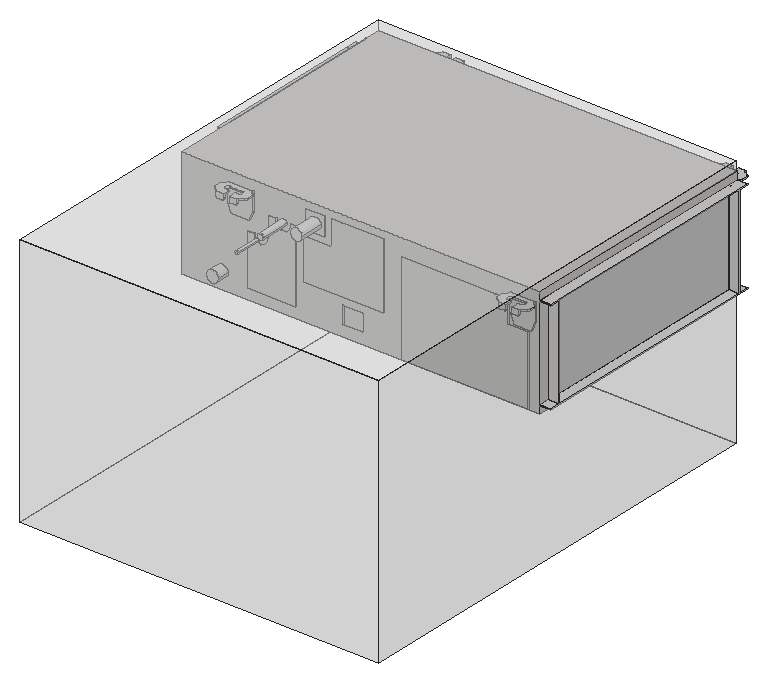
Revit family "outputfile", category 機械設備, Revit 2024
Family settings
  丸型コネクタ寸法 = 半径を使用
  パーツ タイプ = 標準
  OmniClass 番号 = 23.75.10.24.21.27.27
  OmniClass タイトル = Split System Air Conditioning Units
  作業面ベース = いいえ
  常に垂直 = はい
  ロード時にボイドで切り取り = いいえ
  注釈の向きを維持 = いいえ
  共有 = いいえ
  部屋計算ポイント = はい
Parameters (values of type "FXSQ32PAVE9")
  Description = ""
  製造元 = "Daikin"
  書き出し IFC クラス(タイプ) = "IfcUnitaryEquipmentType"
  定義済み IFC タイプ(タイプ) = "AIRCONDITIONINGUNIT"
  Cost = 0
  モデル = "FXSQ32PAVE9"
  Type Comments = ""
  Keynote = ""
  Type Image = (empty or 0)
  Assembly Code = ""
  r_Liquid Pipe Size = Liquid Pipe Size / 2  # 3.2 mm
  r_Gas Pipe Size = Gas Pipe Size / 2  # 6.35 mm
  r_Drain Pipe Size = Drain Pipe Size / 2  # 12.5 mm
  lw_power = 770.0 mm  # constant formula
  lh_SA = 138.0 mm  # constant formula
  lw_SA = if(Depth = 550.0 mm, 225.0 mm, if(Depth = 700.0 mm, 300.0 mm, if(Depth = 1000.0 mm, 450.0 mm, if(Depth = 1400.0 mm, 650.0 mm, 725.0 mm))))  # 225.0 mm
  lw_RA = if(Depth = 550.0 mm, 275.0 mm, if(Depth = 700.0 mm, 349.0 mm, if(Depth = 1000.0 mm, 499.0 mm, if(Depth = 1400.0 mm, 699.0 mm, 775.0 mm))))  # 275.0 mm
  lh_power = 60.0 mm + [h***]  # 60.0 mm
  lh_mountinghole1 = lh_mountinghole + [h***]  # 222.0 mm
  lh_RA = 123.0 mm  # constant formula
  ld_power = Depth / 2  # 275.0 mm
  Voltage_comment_60Hz = "220"
  Voltage_comment_50Hz = "220-240"
  Voltage_60Hz = 220 V
  Voltage_50Hz = 220 V
  URL = ""
  Supply Air Direction [instance] = yes
  Sound Power Level_H speed (dB) = 62
  Phase_60Hz = 1
  Phase_50Hz = 1
  Minimum External Static Pressure = 30.00 Pa
  Minimum Circuit Amps_60Hz = 0.8 A
  Minimum Circuit Amps_50Hz = 0.8 A
  Maximum Fuse Amps_60Hz = 16.0 A
  Maximum Fuse Amps_50Hz = 16.0 A
  Maximum External Static Pressure = 150.00 Pa
  Material_Casing = DAIKIN_GalvanizedSteel_Casing_indoorunit
  lw_mountinghole = 630.0 mm  # constant formula
  lh_gaspipe = 183.0 mm + [h***]  # 183.0 mm
  lh_mountinghole = 222.0 mm  # constant formula
  lh_liquidpipe = 136.0 mm + [h***]  # 136.0 mm
  lh_drainpipe = 207.0 mm + [h***]  # 207.0 mm
  lh_antena = Height - lh_mountinghole + 1.0 mm  # 24.0 mm
  ld_drainpipe = Depth / 2 + 53.0 mm  # 328.0 mm
  ld_liquidpipe = Depth / 2 + 69.0 mm  # 344.0 mm
  ld_gaspipe = Depth / 2 + 65.0 mm  # 340.0 mm
  ld_mountinghole = Depth + 38.0 mm  # 588.0 mm
  h*** = 0.0 mm  # constant formula
  lw_liquidpipe = 179.0 mm  # constant formula
  lw_gaspipe = 229.0 mm  # constant formula
  lw_drainpipe = 300.0 mm  # constant formula
  Width = 800.0 mm
  Version = "ver.1.0"
  Unit Type = "Middle Static Pressure Duct Type"
  Unit Mass Weight = 25.00 kg
  Unit Designation [instance] = ""
  Uniclass2015Version = "Products v1.30"
  Uniclass2015Title = "Variable refrigerant flow units"
  Uniclass2015Code = "Pr_70_65_03_94"
  Total Heating Capacity [instance] = 0.000 kW
  Total Cooling Capacity [instance] = 0.000 kW
  Sound Pressure Level_M speed (dBA) = 0
  Sound Pressure Level_L speed (dBA) = 30
  Sound Pressure Level_H speed (dBA) = 34
  Series = "VRV Fan Coil Unit"
  Sensible Cooling Capacity [instance] = 0.000 kW
  SA Duct Size Width = if(Depth = 550.0 mm, 337.0 mm, if(Depth = 700.0 mm, 492.0 mm, if(Depth = 1000.0 mm, 792.0 mm, if(Depth = 1400.0 mm, 1192.0 mm, 1337.0 mm))))  # 337.0 mm
  SA Duct Size Height = 176.0 mm
  Refrigerant Type = "R410A"
  RA Duct Size Width = if(Depth = 550.0 mm, 502.0 mm, if(Depth = 700.0 mm, 654.0 mm, if(Depth = 1000.0 mm, 952.0 mm, if(Depth = 1400.0 mm, 1352.0 mm, 1502.0 mm))))  # 502.0 mm
  RA Duct Size Height = 208.0 mm
  Power Input (Heating) = 0.106 kW
  Power Input (Cooling) = 0.111 kW
  Option Accessory 3 [instance] = ""
  Option Accessory 2 [instance] = ""
  Option Accessory 1 [instance] = ""
  Nominal Heating Capacity = 4.000 kW
  Nominal Cooling Capacity = 3.600 kW
  Minimum Airflow = 420.00 m³/h
  Median Airflow = 480.00 m³/h
  Maximum Airflow = 570.00 m³/h
  Load Classification = HVAC
  Liquid Pipe Size = 6.4 mm
  Link_Nested Family [instance] = ""
  IfcVersion = "0"
  IfcExportType = "AIRCONDITIONINGUNIT"
  IfcExportAs = "IfcUnitaryEquipmentType"
  Height = 245.0 mm
  Heating Entering Wet Bulb Temperature [instance] = 0.00 °C
  Heating Entering Dry Bulb Temperature [instance] = 0.00 °C
  Heating Ambient Wet Bulb Temperature [instance] = 0.00 °C
  Heating Ambient Dry Bulb Temperature [instance] = 0.00 °C
  Heat Exchanger Type = "Cross Fin Coil"
  Gas Pipe Size = 12.7 mm
  Frequency_60Hz = 60 Hz
  Frequency_50Hz = 50 Hz
  Fan Type = "Sirocco Fan"
  Fan Drive = "Direct Drive"
  FCU Tag No. [instance] = ""
  Drain Pipe Size = 25.0 mm
  Design Supply Airflow [instance] = 0.00 m³/h
  Design Return Airflow [instance] = 0.00 m³/h
  Design External Static Pressure [instance] = 0.00 Pa
  Depth = 550.0 mm
  既定の高さ = 0.0 mm
  Cooling Entering Wet Bulb Temperature [instance] = 0.00 °C
  Cooling Entering Dry Bulb Temperature [instance] = 0.00 °C
  Cooling Ambient Wet Bulb Temperature [instance] = 0.00 °C
  Cooling Ambient Dry Bulb Temperature [instance] = 0.00 °C
  Clearance visibility [instance] = yes
  Clearance Top = 20.0 mm
  Clearance Right = 0.0 mm
  Clearance Rear = 0.0 mm
  Clearance Left = 0.0 mm
  Clearance Front = 450.0 mm
  Clearance Bottom = 300.0 mm
Reference planes
  plane 1 "Center (Front/Back)": y = 0
  plane 2 "h": z = 0
  plane 3 "Center (Left/Right)": x = 0
  plane 4 "Back": y = 275
  plane 5 "Front": y = -275
  plane 6 "Left": x = -400
  plane 7 "Reight": x = 400
  plane 8 "Top": z = 0
  plane 9 "Bottom": z = -245
  plane 10: y = -215
  plane 11: y = 275
  plane 12: y = -725
  plane 13: x = -400
  plane 14: x = 400
  plane 15: z = 20
  plane 16: z = -545
  plane 17: x = -400
  plane 18: x = -399
  plane 19: x = 399
  plane 20: y = 50
  plane 21: y = 0
  plane 22: z = -122
  plane 23: y = -276
  plane 24: z = -109
  plane 25: x = -221
  plane 26: y = -340
  plane 27: z = -62
  plane 28: x = -171
  plane 29: y = -328
  plane 30: z = -38
  plane 31: x = -100
  plane 32: x = -100
  plane 33: x = -221
  plane 34: x = -171
  plane 35: x = 370
  plane 36: x = -266
  plane 37: x = 364
  plane 38: y = -294
  plane 39: y = 294
  plane 40: z = -23
  plane 41: z = -107
  plane 42: y = -344
  plane 43: z = -207
  plane 44: x = -309
  plane 45: y = -301
  plane 46: x = -251
  plane 47: x = -203
  plane 48: x = -144
  plane 49: z = -59
  plane 50: z = -106
  plane 51: z = -221
  plane 52: z = -109
  plane 53: x = -221
  plane 54: z = -62
  plane 55: x = -171
  plane 56: z = -17
  plane 57: z = -59
  plane 58: x = -121
  plane 59: x = -79
  plane 60: x = -125
  plane 61: x = -64
  plane 62: x = 53
  plane 63: z = -164
  plane 64: z = -73
  plane 65: z = -16
  plane 66: x = 93.5
  plane 67: x = 374.5
  plane 68: x = 330
  plane 69: z = -88.5
  plane 70: z = -38
  plane 71: z = -242.5
  plane 72: x = -38.5
  plane 73: x = 6.5
  plane 74: z = -181
  plane 75: z = -221
  plane 76: y = -274
  plane 77: x = -424
  plane 78: x = 424
Forms (mm)
  Extrusion 1, solid, material "DAIKIN_GalvanizedSteel_Casing_indoorunit" <- "Material_Casing"
    sketch origin (0, 0, 0) x (1, 0, 0) y (0, 1, 0)
      loop
        line (-399, 275) -> (-399, -275) -> (399, -275) -> (399, 275) -> (-399, 275)
    from -245 to 0
  Extrusion 2, solid, material "DAIKIN_GalvanizedSteel_Casing_indoorunit" <- "Material_Casing"
    sketch origin (0, 0, 0) x (1, 0, 0) y (0, 0, 1)
      loop
        line (-251, -221) -> (-144, -221) -> (-144, -59) -> (-154.47, -59)
        arc (-154.47, -59) -> (-171, -78.8) -> (-187.53, -59) r 16.8
        line (-187.53, -59) -> (-203, -59) -> (-203, -106) -> (-206.916, -106)
        arc (-206.916, -106) -> (-221, -123.4) -> (-235.084, -106) r 14.4
        line (-235.084, -106) -> (-251, -106) -> (-251, -221)
    from 275 to 276
  Extrusion 3, solid, material "DAIKIN_GalvanizedSteel_Casing_indoorunit" <- "Material_Casing"
    sketch origin (0, 0, 0) x (1, 0, 0) y (0, 0, 1)
      loop
        line (-121, -17) -> (-121, -59) -> (-79, -59) -> (-79, -17) -> (-121, -17)
      loop
        line (-125, -73) -> (-125, -164) -> (53, -164) -> (53, -16) -> (-64, -16) -> (-64, -73) -> (-125, -73)
    from 275 to 276
  Extrusion 4, solid, material "DAIKIN_GalvanizedSteel_Casing_indoorunit" <- "Material_Casing"
    sketch origin (0, 0, 0) x (1, 0, 0) y (0, 0, 1)
      loop
        line (93.5, -38) -> (93.5, -242.5) -> (374.5, -242.5) -> (374.5, -88.5) -> (330, -88.5) -> (330, -38) -> (93.5, -38)
    from 275 to 276
  Extrusion 5, solid
    sketch origin (0, 0, 0) x (1, 0, 0) y (0, 0, 1)
      loop
        circle (-221, -109) r 3.2
    from 275 to 344
  Extrusion 6, solid
    sketch origin (0, 0, 0) x (1, 0, 0) y (0, 0, 1)
      loop
        circle (-171, -62) r 6.35
    from 275 to 340
  Extrusion 7, solid
    sketch origin (0, 0, 0) x (1, 0, 0) y (0, 0, 1)
      loop
        circle (-100, -38) r 12.5
    from 276 to 328
  Extrusion 8, solid, material "DAIKIN_GalvanizedSteel_Casing_indoorunit" <- "Material_Casing"
    sketch origin (0, 0, 0) x (1, 0, 0) y (0, 0, 1)
      loop
        circle (-309, -207) r 13
    from 275 to 301
  Extrusion 9, void
    sketch origin (0, 0, 0) x (1, 0, 0) y (0, 0, 1)
      loop
        line (-38.5, -181) -> (-38.5, -221) -> (6.5, -221) -> (6.5, -181) -> (-38.5, -181)
    from 274 to 275
Cuts and joins
  Extrusion 9 cuts Extrusion 1
Dimensions and locks
  "Height": plane 8 "Top" to plane 9 "Bottom"
  equal spacing: plane 4 "Back", plane 1 "Center (Front/Back)", plane 5 "Front"
  "Depth": plane 4 "Back" to plane 5 "Front"
  equal spacing: plane 6 "Left", plane 3 "Center (Left/Right)", plane 7 "Reight"
  "Width": plane 6 "Left" to plane 7 "Reight"
  "Clearance Left": plane 13 to plane 6 "Left"
  "Clearance Right": plane 7 "Reight" to plane 14
  "Clearance Rear": plane 11 to plane 4 "Back"
  "Clearance Front": plane 5 "Front" to plane 12
  "Clearance Top": plane 15 to plane 8 "Top"
  "Clearance Bottom": plane 9 "Bottom" to plane 16
  locked: plane 17 to plane 18 at 1
  locked: plane 19 to plane 14 at 1
  "lw_SA": plane 11 to plane 20
  "lw_RA": plane 21 to plane 5 "Front"
  "lh_RA": plane 22 to plane 9 "Bottom"
  locked: plane 5 "Front" to plane 23 at 1
  "lw_liquidpipe": plane 25 to plane 6 "Left"
  "lh_liquidpipe": plane 24 to plane 9 "Bottom"
  "lh_gaspipe": plane 27 to plane 9 "Bottom"
  "lw_gaspipe": plane 28 to plane 6 "Left"
  "ld_gaspipe": plane 26 to plane 1 "Center (Front/Back)"
  "ld_drainpipe": plane 29 to plane 1 "Center (Front/Back)"
  "lh_drainpipe": plane 30 to plane 9 "Bottom"
  "lw_drainpipe": plane 31 to plane 6 "Left"
  "lw_drainpipe": plane 6 "Left" to plane 32
  "lw_liquidpipe": plane 6 "Left" to plane 33
  "lw_gaspipe": plane 6 "Left" to plane 34
  "lw_power": plane 6 "Left" to plane 35
  locked: plane 17 to plane 36 at 134
  "lw_mountinghole": plane 36 to plane 37
  equal spacing: plane 38, plane 1 "Center (Front/Back)", plane 39
  "ld_mountinghole": plane 39 to plane 38
  "lh_mountinghole": plane 40 to plane 9 "Bottom"
  "lh_SA": plane 41 to plane 9 "Bottom"
  "ld_liquidpipe": plane 21 to plane 42
  locked: plane 44 to plane 6 "Left" at 91
  locked: plane 43 to plane 9 "Bottom" at 38
  locked: plane 5 "Front" to plane 45 at 26
  plane 48 to plane 47 to plane 46 to plane 6 "Left" = 59.0 mm, 48.0 mm, 149.0 mm
  plane 8 "Top" to plane 49 to plane 50 to plane 51 = 59.0 mm locked, 47.0 mm locked, 115.0 mm locked
  plane 55 to plane 53 to plane 6 "Left" = 50.0 mm locked, 179.0 mm locked
  plane 54 to plane 52 to plane 9 "Bottom" = 47.0 mm locked, 136.0 mm locked
  plane 59 to plane 58 to plane 6 "Left" = 42.0 mm locked, 279.0 mm locked
  plane 8 "Top" to plane 56 to plane 57 = 17.0 mm locked, 42.0 mm locked
  plane 62 to plane 61 to plane 60 to plane 6 "Left" = 117.0 mm, 61.0 mm, 275.0 mm
  plane 8 "Top" to plane 65 to plane 64 = 16.0 mm locked, 57.0 mm locked
  locked: plane 65 to plane 63 at 148
  plane 8 "Top" to plane 70 to plane 69 to plane 71 = 38.0 mm locked, 50.5 mm locked, 154.0 mm locked
  plane 67 to plane 68 to plane 66 to plane 6 "Left" = 44.5 mm locked, 236.5 mm locked, 493.5 mm locked
  plane 8 "Top" to plane 74 to plane 75 = 181.0 mm locked, 40.0 mm locked
  plane 73 to plane 72 to plane 6 "Left" = 45.0 mm, 361.5 mm
  locked: plane 76 to plane 5 "Front" at 1
  locked: plane 77 to plane 17 at 24
  locked: plane 14 to plane 78 at 24
  "r_Liquid Pipe Size": radius of Extrusion 5 sketch curve
  "r_Gas Pipe Size": radius of Extrusion 6 sketch curve
  "r_Drain Pipe Size": radius of Extrusion 7 sketch curve
  aligned and locked: level to plane 2 "h"
  aligned and locked: plane 8 "Top" to Extrusion 1
  aligned and locked: Extrusion 1 to plane 9 "Bottom"
  aligned and locked: nested 5 to plane 12
  aligned and locked: plane 13 to nested 5
  aligned and locked: plane 14 to nested 5
  aligned and locked: nested 5 to plane 13
  aligned and locked: plane 11 to nested 5
  aligned and locked: plane 15 to nested 5
  aligned and locked: plane 16 to nested 5
  aligned and locked: plane 5 "Front" to Extrusion 1 sketch curve
  aligned and locked: Extrusion 1 to plane 18
  aligned and locked: plane 19 to Extrusion 1
  aligned and locked: nested 7 to plane 18
  aligned and locked: nested 7 to plane 20
  aligned and locked: plane 19 to nested 8
  aligned and locked: plane 21 to nested 8
  aligned and locked: plane 22 to nested 8
  aligned and locked: Extrusion 2 to plane 23
  aligned and locked: plane 5 "Front" to Extrusion 2
  aligned and locked: Extrusion 3 to plane 23
  aligned and locked: plane 5 "Front" to Extrusion 3
  aligned and locked: plane 5 "Front" to Extrusion 4
  aligned and locked: Extrusion 5 sketch curve to plane 25
  aligned and locked: plane 24 to Extrusion 5 sketch curve
  aligned and locked: plane 5 "Front" to Extrusion 5
  aligned and locked: Extrusion 6 sketch curve to plane 28
  aligned and locked: plane 27 to Extrusion 6 sketch curve
  aligned and locked: plane 5 "Front" to Extrusion 6
  aligned and locked: Extrusion 7 sketch curve to plane 31
  aligned and locked: Extrusion 7 sketch curve to plane 30
  aligned and locked: Extrusion 7 to plane 29
  aligned and locked: plane 23 to Extrusion 7
  aligned and locked: nested 3 to plane 29
  aligned and locked: plane 32 to nested 3
  aligned and locked: nested 2 to plane 33
  aligned and locked: nested 1 to plane 34
  aligned and locked: Extrusion 6 to plane 26
  aligned and locked: nested 1 to plane 26
  aligned and locked: nested 6 to plane 5 "Front"
  aligned and locked: plane 35 to nested 6
  aligned and locked: plane 36 to nested 10
  aligned and locked: nested 10 to plane 5 "Front"
  aligned and locked: plane 37 to nested 9
  aligned and locked: nested 9 to plane 5 "Front"
  aligned and locked: nested 11 to plane 36
  aligned and locked: plane 4 "Back" to nested 11
  aligned and locked: nested 12 to plane 37
  aligned and locked: plane 4 "Back" to nested 12
  aligned and locked: plane 40 to nested 10
  aligned and locked: plane 40 to nested 11
  aligned and locked: plane 40 to nested 9
  aligned and locked: plane 40 to nested 12
  aligned and locked: plane 36 to nested 14
  aligned and locked: nested 14 to plane 39
  aligned and locked: plane 37 to nested 13
  aligned and locked: nested 13 to plane 39
  aligned and locked: plane 37 to nested 16
  aligned and locked: plane 38 to nested 16
  aligned and locked: plane 38 to nested 15
  aligned and locked: plane 36 to nested 15
  aligned and locked: plane 17 to plane 6 "Left"
  aligned and locked: plane 41 to nested 7
  aligned and locked: Extrusion 5 to plane 42
  aligned and locked: nested 2 to plane 42
  aligned and locked: Extrusion 8 sketch curve to plane 44
  aligned and locked: plane 43 to Extrusion 8 sketch curve
  aligned and locked: plane 5 "Front" to Extrusion 8
  aligned and locked: plane 45 to Extrusion 8
  aligned and locked: Extrusion 3 sketch curve to plane 56
  aligned and locked: Extrusion 3 sketch curve to plane 58
  aligned and locked: plane 57 to Extrusion 3 sketch curve
  aligned and locked: plane 59 to Extrusion 3 sketch curve
  aligned and locked: Extrusion 4 to plane 23
  aligned and locked: Extrusion 9 sketch curve to plane 74
  aligned and locked: plane 75 to Extrusion 9 sketch curve
  aligned and locked: plane 73 to Extrusion 9 sketch curve
  aligned and locked: plane 5 "Front" to Extrusion 9
  aligned and locked: plane 76 to Extrusion 9
  aligned and locked: nested 17 to plane 20
  aligned and locked: nested 17 to plane 77
  aligned and locked: plane 21 to nested 18
  aligned and locked: plane 78 to nested 18
  aligned and locked: plane 41 to nested 17
  aligned and locked: nested 18 to plane 22
  aligned and locked: nested 4 to plane 3 "Center (Left/Right)"
  aligned and locked: plane 1 "Center (Front/Back)" to nested 4
  aligned and locked: plane 8 "Top" to level
Automatic sketch dimensions
  plane 6 "Left" to Extrusion 1 sketch curve = 1.0 mm
  Extrusion 1 sketch curve to plane 7 "Reight" = 1.0 mm
  Extrusion 1 sketch curve to plane 4 "Back" = 0.0 mm
  Extrusion 2 sketch curve to plane 46 = 0.0 mm
  Extrusion 2 sketch curve to plane 33 = 0.0 mm
  Extrusion 2 sketch curve to plane 47 = 0.0 mm
  Extrusion 2 sketch curve to plane 34 = 0.0 mm
  Extrusion 2 sketch curve to plane 48 = 0.0 mm
  Extrusion 2 sketch curve to plane 51 = 0.0 mm
  Extrusion 2 sketch curve to plane 52 = 0.0 mm
  Extrusion 2 sketch curve to plane 50 = 0.0 mm  (x3)
  Extrusion 2 sketch curve to plane 54 = 0.0 mm
  Extrusion 2 sketch curve to plane 49 = 0.0 mm  (x3)
  plane 33 to Extrusion 2 sketch curve = 14.084 mm
  plane 34 to Extrusion 2 sketch curve = 16.53 mm
  Extrusion 3 sketch curve to plane 60 = 0.0 mm
  Extrusion 3 sketch curve to plane 61 = 0.0 mm
  Extrusion 3 sketch curve to plane 62 = 0.0 mm
  Extrusion 3 sketch curve to plane 63 = 0.0 mm
  Extrusion 3 sketch curve to plane 64 = 0.0 mm
  Extrusion 3 sketch curve to plane 65 = 0.0 mm
  Extrusion 4 sketch curve to plane 66 = 0.0 mm
  Extrusion 4 sketch curve to plane 68 = 0.0 mm
  Extrusion 4 sketch curve to plane 67 = 0.0 mm
  Extrusion 4 sketch curve to plane 71 = 0.0 mm
  Extrusion 4 sketch curve to plane 69 = 0.0 mm
  Extrusion 4 sketch curve to plane 70 = 0.0 mm
  Extrusion 9 sketch curve to plane 72 = 0.0 mm
  radius of Extrusion 8 sketch curve = 13.0 mm
Nested families
  nested 1: "daikin_connector_rotate2" at (-171, 0, -62), length <- "ld_gaspipe", built-in parameter 1001364 <- "lh_gaspipe", radius <- "r_Gas Pipe Size", type "daikin_connector_rotate2"
    with radius 6.35 mm, length 340.0 mm, angle_vertical 90.00°
  nested 2: "daikin_connector_rotate2" at (-221, 0, -109), length <- "ld_liquidpipe", built-in parameter 1001364 <- "lh_liquidpipe", radius <- "r_Liquid Pipe Size", type "daikin_connector_rotate2"
    with radius 3.2 mm, length 344.0 mm, angle_vertical 90.00°
  nested 3: "daikin_connector_rotate2" at (-100, 0, -38), length <- "ld_drainpipe", built-in parameter 1001364 <- "lh_drainpipe", radius <- "r_Drain Pipe Size", type "daikin_connector_rotate2"
    with radius 12.5 mm, length 328.0 mm, angle_vertical 90.00°
  nested 4: "daikin_△_symbolicline" at (0, 0, 245) x (0, -1, 0) z (0, 0, 1), built-in parameter 1001364 <- "Height", visible <- "Supply Air Direction", type "daikin_△_symbolicline"
    with length 200.0 mm
  nested 5: "daikin_clearancespace" at (0, -225, -262.381), visible <- "Clearance visibility", show <- "Clearance visibility", Link_Nested Family <- "Link_Nested Family", type "daikin_clearancespace"
    with width 800.0 mm, show yes, height 565.0 mm, depth 1000.0 mm, Link_Nested Family ""
  nested 6: "daikin_connector_rotate2" at (370, 0, -185), built-in parameter 1001364 <- "lh_power", length <- "ld_power", type "daikin_connector_rotate2"
    with radius 10.0 mm, length 275.0 mm, angle_vertical 90.00°
  nested 7: "daikin_ductflange_FXSQ-PAVE9_2" at (-399, 50, -107) x (0, -1, 0) z (0, 0, 1), type "daikin_ductflange_FXSQ-PAVE9_2"
  nested 8: "daikin_ductflange_FXSQ-PAVE9_1" at (399, 0, -122) x (0, 1, 0) z (0, 0, 1), type "daikin_ductflange_FXSQ-PAVE9_1"
  nested 9: "daikin_hangerfixture_FXSQ-PAVE9" at (364, -275, -23), type "daikin_hangerfixture_FXSQ-PAVE9"
  nested 10: "daikin_hangerfixture_FXSQ-PAVE9" at (-266, -275, -23), type "daikin_hangerfixture_FXSQ-PAVE9"
  nested 11: "daikin_hangerfixture_FXSQ-PAVE9" at (-266, 275, -23) x (-1, 0, 0) z (0, 0, 1), type "daikin_hangerfixture_FXSQ-PAVE9"
  nested 12: "daikin_hangerfixture_FXSQ-PAVE9" at (364, 275, -23) x (-1, 0, 0) z (0, 0, 1), type "daikin_hangerfixture_FXSQ-PAVE9"
  nested 13: "daikin_mountinghole" at (364, 294, -245), h_mountinghole <- "lh_mountinghole1", l_antenna <- "lh_antena", Link_Nested Family <- "Link_Nested Family", type "daikin_mountinghole"
    with show yes, l_antenna 24.0 mm, h_mountinghole 222.0 mm, Link_Nested Family ""
  nested 14: "daikin_mountinghole" at (-266, 294, -245), h_mountinghole <- "lh_mountinghole1", l_antenna <- "lh_antena", Link_Nested Family <- "Link_Nested Family", type "daikin_mountinghole"
    with show yes, l_antenna 24.0 mm, h_mountinghole 222.0 mm, Link_Nested Family ""
  nested 15: "daikin_mountinghole" at (-266, -294, -245), h_mountinghole <- "lh_mountinghole1", l_antenna <- "lh_antena", Link_Nested Family <- "Link_Nested Family", type "daikin_mountinghole"
    with show yes, l_antenna 24.0 mm, h_mountinghole 222.0 mm, Link_Nested Family ""
  nested 16: "daikin_mountinghole" at (364, -294, -245), h_mountinghole <- "lh_mountinghole1", l_antenna <- "lh_antena", Link_Nested Family <- "Link_Nested Family", type "daikin_mountinghole"
    with show yes, l_antenna 24.0 mm, h_mountinghole 222.0 mm, Link_Nested Family ""
  nested 17: "daikin_connector_rotate2" at (-400, 50, -107) x (0, -1, 0) z (0, 0, 1), type "daikin_connector_rotate2"
    with radius 10.0 mm, length 24.0 mm, angle_vertical 90.00°
  nested 18: "daikin_connector_rotate2" at (400, 0, -122) x (0, 1, 0) z (0, 0, 1), type "daikin_connector_rotate2"
    with radius 10.0 mm, length 24.0 mm, angle_vertical 90.00°
Connectors
  piping at (-100, -328, -38), diameter 25, driven by "r_Drain Pipe Size"
    settings: on nested 3, index 3, connector inside diameter 609.6 mm, connector length 0.0 mm, flow factor 0, pipe flow 0.00 m³/h, pressure drop 0.0 Pa, fitting loss kfactor 0, connector angle 0.00°, fixture units 0, engagement length 0.0 mm, angle of deflection 0.00°, flow configuration 1, flow direction 2, fitting loss method 4, system type 16, joint type 0, gender type 0, connector reference index -1, connector utility 0, adjustable connector no, is connector primary yes, connector description "Condensate Drain Piping"
  piping at (-171, -340, -62), diameter 12.7, driven by "r_Gas Pipe Size"
    settings: on nested 1, index 4, connector inside diameter 609.6 mm, connector length 0.0 mm, flow factor 0, pipe flow 0.00 m³/h, pressure drop 0.0 Pa, fitting loss kfactor 0, connector angle 0.00°, fixture units 0, engagement length 0.0 mm, angle of deflection 0.00°, flow configuration 1, flow direction 2, fitting loss method 0, system type 29, joint type 0, gender type 0, connector reference index -1, connector utility 0, adjustable connector no, is connector primary no, connector description "Refrigerant Gas Piping"
  piping at (-221, -344, -109), diameter 6.4, driven by "r_Liquid Pipe Size"
    settings: on nested 2, index 5, connector inside diameter 609.6 mm, connector length 0.0 mm, flow factor 0, pipe flow 0.00 m³/h, pressure drop 0.0 Pa, fitting loss kfactor 0, connector angle 0.00°, fixture units 0, engagement length 0.0 mm, angle of deflection 0.00°, flow configuration 1, flow direction 1, fitting loss method 0, system type 29, joint type 0, gender type 0, connector reference index -1, connector utility 0, adjustable connector no, is connector primary no, connector description "Refrigerant Liquid Piping"
  electrical at (370, -275, -185), driven by "Load Classification"
    settings: on nested 6, index 6, voltage 0 V, apparent load 0 VA, apparent load phase1 0 VA, apparent load phase2 0 VA, apparent load phase3 0 VA, power factor 1, load classification "HVAC", number of poles 1, system type 30, power factor state 1, is connector primary yes, connector utility no, sub classification motor no, connector description "Power Supply"
  hvac at (-424, 50, -107), driven by "SA Duct Size Height", driven by "SA Duct Size Width"
    settings: on nested 17, index 7, duct flow 0.00 m³/h, flow factor 0, pres drop 0.00 Pa, loss coef 0, conn angle 0.00°, conn width 337.0 mm, conn height 176.0 mm, conn diameter 609.6 mm, duct sys type 1, conn prof type 1, flow config 0, flow direction 2, loss method 4, conn ref index -1, conn util no, is conn primary yes, conn desc "SA Duct"
  hvac at (424, 0, -122), driven by "RA Duct Size Height", driven by "RA Duct Size Width"
    settings: on nested 18, index 8, duct flow 0.00 m³/h, flow factor 0, pres drop 0.00 Pa, loss coef 0, conn angle 0.00°, conn width 502.0 mm, conn height 208.0 mm, conn diameter 609.6 mm, duct sys type 2, conn prof type 1, flow config 0, flow direction 1, loss method 4, conn ref index -1, conn util no, is conn primary no, conn desc "RA Duct"
Definition of nested family "daikin_clearancespace"
  Parameters (values of type "daikin_clearancespace")
    width [instance] = 1823.963 mm
    show [instance] = yes
    material = none
    height [instance] = 1359.762 mm
    depth [instance] = 880.0 mm
    Default Elevation = 0.0 mm
    Link_Nested Family [instance] = ""
  Reference planes
    plane 1 "Center (Front/Back)": y = 0
    plane 2 "Center (Elevation)": z = -0.119
    plane 3 "Center (Left/Right)": x = 0
    plane 4: y = 440
    plane 5: y = -440
    plane 6 "Right": x = 911.982
    plane 7 "Left": x = -911.982
    plane 8 "Top": z = 679.762
    plane 9 "Bottom": z = -680
  Forms (mm)
    Extrusion 1, solid, material <- "material", visible <- "show"
      sketch origin (0, 0, 0) x (1, 0, 0) y (0, 1, 0)
        loop
          line (-911.982, 440) -> (-911.982, -440) -> (911.982, -440) -> (911.982, 440) -> (-911.982, 440)
      from -680 to 679.762
  Lines and regions (mm)
    symbolic lines, visible <- "show"
      curve 1: line (911.982, 440, 0) -> (-911.982, 440, 0)
      curve 2: line (-911.982, 440, 0) -> (-911.982, -440, 0)
      curve 3: line (-911.982, -440, 0) -> (911.982, -440, 0)
      curve 4: line (911.982, -440, 0) -> (911.982, 440, 0)
      curve 5: line (911.982, 0, 679.762) -> (-911.982, 0, 679.762)
      curve 6: line (911.982, 0, -680) -> (911.982, 0, 679.762)
      curve 7: line (-911.982, 0, -680) -> (911.982, 0, -680)
      curve 8: line (-911.982, 0, 679.762) -> (-911.982, 0, -680)
      curve 9: line (0, 440, 679.762) -> (0, -440, 679.762)
      curve 10: line (0, -440, 679.762) -> (0, -440, -680)
      curve 11: line (0, 440, -680) -> (0, 440, 679.762)
      curve 12: line (0, -440, -680) -> (0, 440, -680)
  Dimensions and locks
    "width": plane 7 "Left" to plane 6 "Right"
    "depth": plane 4 to plane 5
    "height": plane 8 "Top" to plane 9 "Bottom"
    equal spacing: plane 7 "Left", plane 3 "Center (Left/Right)", plane 6 "Right"
    equal spacing: plane 4, plane 1 "Center (Front/Back)", plane 5
    equal spacing: plane 8 "Top", plane 2 "Center (Elevation)", plane 9 "Bottom"
    aligned and locked: level to plane 2 "Center (Elevation)"
    aligned and locked: Extrusion 1 sketch curve to plane 4
    aligned and locked: plane 7 "Left" to Extrusion 1 sketch curve
    aligned and locked: Extrusion 1 sketch curve to plane 5
    aligned and locked: Extrusion 1 sketch curve to plane 6 "Right"
    aligned and locked: plane 8 "Top" to Extrusion 1
    aligned and locked: curve 1 to Extrusion 1
    aligned and locked: curve 2 to Extrusion 1
    aligned and locked: curve 3 to Extrusion 1
    aligned and locked: curve 4 to Extrusion 1
    aligned and locked: curve 5 to Extrusion 1
    aligned and locked: curve 6 to Extrusion 1
    aligned and locked: curve 7 to Extrusion 1
    aligned and locked: curve 8 to Extrusion 1
    aligned and locked: curve 9 to Extrusion 1
    aligned and locked: curve 10 to Extrusion 1
    aligned and locked: curve 11 to Extrusion 1
    aligned and locked: curve 12 to Extrusion 1
    aligned and locked: Extrusion 1 to plane 9 "Bottom"
Definition of nested family "daikin_ductflange_FXSQ-PAVE9_2"
  Parameters (values of type "daikin_ductflange_FXMQ-PAVE2")
    width = if(w = 550.0 mm, 337.0 mm, if(w = 700.0 mm, 492.0 mm, if(w = 1000.0 mm, 792.0 mm, if(w = 1400.0 mm, 1192.0 mm, 1337.0 mm))))  # 337.0 mm
    material = none
    height = 215.0 mm
    depth = 1.0 mm
    w = 550.0 mm
    Default Elevation = 0.0 mm
  Reference planes
    plane 1 "Center (Front/Back)": y = 0
    plane 2: z = 0
    plane 3 "Center (Left/Right)": x = 0
    plane 4: z = 88
    plane 5: z = -88
    plane 6: y = -25
    plane 7: z = 106
    plane 8: z = 89
    plane 9: y = -1
    plane 10: x = -192.5
    plane 11: x = 192.5
    plane 12: z = -106
    plane 13: z = -89
    plane 14: y = -1
    plane 15: x = 168.5
    plane 16: x = -168.5
    plane 17: x = 169.5
    plane 18: z = 87
    plane 19: z = -87
    plane 20: x = -169.5
    plane 21: z = 87
    plane 22: z = -87
    plane 23: y = -1
  Forms (mm)
    Extrusion 1, solid, material <- "material"
      sketch origin (0, 0, 0) x (0, 1, 0) y (0, 0, 1)
        loop
          line (-25, 88) -> (0, 88) -> (0, 106) -> (-1, 106) -> (-1, 89) -> (-25, 89) -> (-25, 88)
      from -192.5 to 192.5
    Extrusion 2, solid, material <- "material"
      sketch origin (0, 0, 0) x (0, 1, 0) y (0, 0, 1)
        loop
          line (-25, -88) -> (-25, -89) -> (-1, -89) -> (-1, -106) -> (0, -106) -> (0, -88) -> (-25, -88)
      from -192.5 to 192.5
    Extrusion 3, solid, material <- "material"
      sketch origin (0, 0, 0) x (1, 0, 0) y (0, 0, 1)
        loop
          line (168.5, 88) -> (168.5, -88) -> (192.5, -88) -> (192.5, -87) -> (169.5, -87) -> (169.5, 87) -> (192.5, 87) -> (192.5, 88) -> (168.5, 88)
      from 0 to 25
    Extrusion 4, solid, material <- "material"
      sketch origin (0, 0, 0) x (1, 0, 0) y (0, 0, 1)
        loop
          line (-192.5, 88) -> (-192.5, 87) -> (-169.5, 87) -> (-169.5, -87) -> (-192.5, -87) -> (-192.5, -88) -> (-168.5, -88) -> (-168.5, 88) -> (-192.5, 88)
      from 0 to 25
    Extrusion 5, solid, material <- "material"
      sketch origin (0, 0, 0) x (1, 0, 0) y (0, 0, 1)
        loop
          line (-192.5, 88) -> (-192.5, -88) -> (-168.5, -88) -> (-168.5, 88) -> (-192.5, 88)
        loop
          line (192.5, 88) -> (168.5, 88) -> (168.5, -88) -> (192.5, -88) -> (192.5, 88)
      from 0 to 1
  Cuts and joins
    joined: Extrusion 1, Extrusion 2, Extrusion 3, Extrusion 4, Extrusion 5
  Dimensions and locks
    plane 4 to level to plane 5 = 88.0 mm, 88.0 mm
    locked: plane 6 to plane 1 "Center (Front/Back)" at 25
    locked: plane 9 to plane 1 "Center (Front/Back)" at 1
    locked: plane 8 to plane 4 at 1
    locked: plane 16 to plane 10 at 24
    locked: plane 17 to plane 15 at 1
    locked: plane 4 to plane 18 at 1
    locked: plane 19 to plane 5 at 1
    "width": plane 15 to plane 16
    plane 4 to plane 5 = 176.0 mm
    locked: plane 16 to plane 20 at 1
    locked: plane 4 to plane 21 at 1
    locked: plane 22 to plane 5 at 1
    locked: plane 23 to plane 1 "Center (Front/Back)" at 1
    plane 4 to level to plane 5 = 88.0 mm locked, 88.0 mm locked
    locked: plane 5 to plane 13 at 1
    locked: plane 5 to plane 12 at 18
    locked: plane 7 to plane 4 at 18
    equal spacing: plane 15, plane 3 "Center (Left/Right)", plane 16
    locked: plane 11 to plane 15 at 24
    plane 11 to plane 10 = 385.0 mm
    aligned and locked: level to plane 2
    aligned and locked: Extrusion 1 to plane 10
    aligned and locked: plane 11 to Extrusion 1
    aligned and locked: plane 5 to Extrusion 2
    aligned and locked: Extrusion 2 to plane 1 "Center (Front/Back)"
    aligned and locked: plane 15 to Extrusion 3 sketch curve
    aligned and locked: Extrusion 3 sketch curve to Extrusion 2  (x2)
    aligned and locked: Extrusion 3 sketch curve to plane 11
    aligned and locked: plane 6 to Extrusion 3
    aligned and locked: Extrusion 2 to plane 10
    aligned and locked: plane 11 to Extrusion 2
    aligned and locked: Extrusion 4 sketch curve to Extrusion 1  (x2)
    aligned and locked: plane 5 to Extrusion 4 sketch curve
    aligned and locked: Extrusion 4 sketch curve to plane 16
    aligned and locked: Extrusion 4 sketch curve to plane 22
    aligned and locked: plane 20 to Extrusion 4 sketch curve
    aligned and locked: plane 21 to Extrusion 4 sketch curve
    aligned and locked: Extrusion 4 to plane 1 "Center (Front/Back)"
    aligned and locked: plane 6 to Extrusion 4
    aligned and locked: Extrusion 5 sketch curve to Extrusion 1  (x4)
    aligned and locked: Extrusion 5 sketch curve to Extrusion 4  (x2)
    aligned and locked: Extrusion 5 sketch curve to Extrusion 3  (x2)
    aligned and locked: Extrusion 5 to plane 1 "Center (Front/Back)"
    aligned and locked: plane 23 to Extrusion 5
  Automatic sketch dimensions
    Extrusion 1 sketch curve to plane 6 = 0.0 mm
    Extrusion 1 sketch curve to plane 7 = 0.0 mm
    Extrusion 1 sketch curve to plane 9 = 0.0 mm
    Extrusion 1 sketch curve to plane 1 "Center (Front/Back)" = 0.0 mm
    Extrusion 1 sketch curve to plane 4 = 0.0 mm
    Extrusion 1 sketch curve to plane 8 = 0.0 mm
    Extrusion 2 sketch curve to plane 6 = 0.0 mm
    plane 12 to Extrusion 2 sketch curve = 0.0 mm
    Extrusion 2 sketch curve to plane 14 = 0.0 mm
    Extrusion 2 sketch curve to plane 1 "Center (Front/Back)" = 0.0 mm
    plane 13 to Extrusion 2 sketch curve = 0.0 mm
    Extrusion 2 sketch curve to plane 5 = 0.0 mm
    Extrusion 3 sketch curve to plane 17 = 0.0 mm
    Extrusion 3 sketch curve to plane 19 = 0.0 mm
    Extrusion 3 sketch curve to plane 18 = 0.0 mm
    Extrusion 3 sketch curve to plane 4 = 0.0 mm
    Extrusion 4 sketch curve to plane 10 = 0.0 mm
Definition of nested family "daikin_ductflange_FXSQ-PAVE9_1"
  Parameters (values of type "daikin_ductflange_FXMQ-PAVE")
    width = if(w = 550.0 mm, 502.0 mm, if(w = 700.0 mm, 654.0 mm, if(w = 1000.0 mm, 952.0 mm, if(w = 1400.0 mm, 1352.0 mm, 1502.0 mm))))  # 502.0 mm
    material = none
    height = 208.0 mm
    depth = 1.0 mm
    w = 550.0 mm
    Default Elevation = 0.0 mm
  Reference planes
    plane 1 "Center (Front/Back)": y = 0
    plane 2: z = 0
    plane 3 "Center (Left/Right)": x = 0
    plane 4: z = 104
    plane 5: z = -104
    plane 6: y = -25
    plane 7: z = 121
    plane 8: z = 105
    plane 9: y = -1
    plane 10: x = -275
    plane 11: x = 275
    plane 12: z = -122
    plane 13: z = -105
    plane 14: y = -1
    plane 15: x = 251
    plane 16: x = -251
    plane 17: x = 252
    plane 18: z = 103
    plane 19: z = -103
    plane 20: x = -252
    plane 21: z = 103
    plane 22: z = -103
    plane 23: y = -1
  Forms (mm)
    Extrusion 1, solid, material <- "material"
      sketch origin (0, 0, 0) x (0, 1, 0) y (0, 0, 1)
        loop
          line (-25, 104) -> (0, 104) -> (0, 121) -> (-1, 121) -> (-1, 105) -> (-25, 105) -> (-25, 104)
      from -275 to 275
    Extrusion 2, solid, material <- "material"
      sketch origin (0, 0, 0) x (0, 1, 0) y (0, 0, 1)
        loop
          line (-25, -104) -> (-25, -105) -> (-1, -105) -> (-1, -122) -> (0, -122) -> (0, -104) -> (-25, -104)
      from -275 to 275
    Extrusion 3, solid, material <- "material"
      sketch origin (0, 0, 0) x (1, 0, 0) y (0, 0, 1)
        loop
          line (251, 104) -> (251, -104) -> (275, -104) -> (275, -103) -> (252, -103) -> (252, 103) -> (275, 103) -> (275, 104) -> (251, 104)
      from 0 to 25
    Extrusion 4, solid, material <- "material"
      sketch origin (0, 0, 0) x (1, 0, 0) y (0, 0, 1)
        loop
          line (-275, 104) -> (-275, 103) -> (-252, 103) -> (-252, -103) -> (-275, -103) -> (-275, -104) -> (-251, -104) -> (-251, 104) -> (-275, 104)
      from 0 to 25
    Extrusion 5, solid, material <- "material"
      sketch origin (0, 0, 0) x (1, 0, 0) y (0, 0, 1)
        loop
          line (-275, 104) -> (-275, -104) -> (-251, -104) -> (-251, 104) -> (-275, 104)
        loop
          line (275, 104) -> (251, 104) -> (251, -104) -> (275, -104) -> (275, 104)
      from 0 to 1
  Cuts and joins
    joined: Extrusion 1, Extrusion 2, Extrusion 3, Extrusion 4, Extrusion 5
  Dimensions and locks
    plane 4 to level to plane 5 = 104.0 mm, 104.0 mm
    locked: plane 6 to plane 1 "Center (Front/Back)" at 25
    locked: plane 9 to plane 1 "Center (Front/Back)" at 1
    locked: plane 8 to plane 4 at 1
    locked: plane 11 to plane 15 at 24
    locked: plane 16 to plane 10 at 24
    locked: plane 17 to plane 15 at 1
    locked: plane 4 to plane 18 at 1
    locked: plane 19 to plane 5 at 1
    "width": plane 15 to plane 16
    equal spacing: plane 15, plane 3 "Center (Left/Right)", plane 16
    locked: plane 16 to plane 20 at 1
    locked: plane 4 to plane 21 at 1
    locked: plane 22 to plane 5 at 1
    locked: plane 23 to plane 1 "Center (Front/Back)" at 1
    locked: plane 7 to plane 4 at 17
    locked: plane 1 "Center (Front/Back)" to plane 14 at 1
    locked: plane 5 to plane 13 at 1
    "height": plane 4 to plane 5
    plane 11 to plane 10 = 550.0 mm
    locked: plane 12 to plane 13 at 17
    equal spacing: plane 4, level, plane 5
    aligned and locked: level to plane 2
    aligned and locked: Extrusion 1 to plane 10
    aligned and locked: plane 11 to Extrusion 1
    aligned and locked: plane 5 to Extrusion 2
    aligned and locked: Extrusion 2 to plane 1 "Center (Front/Back)"
    aligned and locked: plane 15 to Extrusion 3 sketch curve
    aligned and locked: Extrusion 3 sketch curve to Extrusion 2  (x2)
    aligned and locked: Extrusion 3 sketch curve to plane 11
    aligned and locked: plane 6 to Extrusion 3
    aligned and locked: Extrusion 2 to plane 10
    aligned and locked: plane 11 to Extrusion 2
    aligned and locked: Extrusion 4 sketch curve to Extrusion 1  (x2)
    aligned and locked: plane 5 to Extrusion 4 sketch curve
    aligned and locked: Extrusion 4 sketch curve to plane 16
    aligned and locked: Extrusion 4 sketch curve to plane 22
    aligned and locked: plane 20 to Extrusion 4 sketch curve
    aligned and locked: plane 21 to Extrusion 4 sketch curve
    aligned and locked: Extrusion 4 to plane 1 "Center (Front/Back)"
    aligned and locked: plane 6 to Extrusion 4
    aligned and locked: Extrusion 5 sketch curve to Extrusion 1  (x4)
    aligned and locked: Extrusion 5 sketch curve to Extrusion 4  (x2)
    aligned and locked: Extrusion 5 sketch curve to Extrusion 3  (x2)
    aligned and locked: Extrusion 5 to plane 1 "Center (Front/Back)"
    aligned and locked: plane 23 to Extrusion 5
  Automatic sketch dimensions
    Extrusion 1 sketch curve to plane 6 = 0.0 mm
    Extrusion 1 sketch curve to plane 7 = 0.0 mm
    Extrusion 1 sketch curve to plane 9 = 0.0 mm
    Extrusion 1 sketch curve to plane 1 "Center (Front/Back)" = 0.0 mm
    Extrusion 1 sketch curve to plane 4 = 0.0 mm
    Extrusion 1 sketch curve to plane 8 = 0.0 mm
    Extrusion 2 sketch curve to plane 6 = 0.0 mm
    plane 12 to Extrusion 2 sketch curve = 0.0 mm
    Extrusion 2 sketch curve to plane 14 = 0.0 mm
    Extrusion 2 sketch curve to plane 1 "Center (Front/Back)" = 0.0 mm
    plane 13 to Extrusion 2 sketch curve = 0.0 mm
    Extrusion 2 sketch curve to plane 5 = 0.0 mm
    Extrusion 3 sketch curve to plane 17 = 0.0 mm
    Extrusion 3 sketch curve to plane 19 = 0.0 mm
    Extrusion 3 sketch curve to plane 18 = 0.0 mm
    Extrusion 3 sketch curve to plane 4 = 0.0 mm
    Extrusion 4 sketch curve to plane 10 = 0.0 mm
Definition of nested family "daikin_hangerfixture_FXSQ-PAVE9"
  Parameters (values of type "daikin_hangerfixture_FXMQ-PAVE")
    width = 72.0 mm
    material = none
    height = 60.0 mm
    depth = 41.0 mm
    Default Elevation = 0.0 mm
  Reference planes
    plane 1 "Center (Front/Back)": y = 0
    plane 2: z = 0
    plane 3 "Center (Left/Right)": x = 0
    plane 4: y = 417.146
    plane 5: y = -41
    plane 6: x = -36
    plane 7: x = 36
    plane 8: z = -2.3
    plane 9: z = -60
    plane 10: y = -2.3
    plane 11: z = -12
    plane 12: y = -38.7
  Forms (mm)
    Extrusion 1, solid, material <- "material"
      sketch origin (0, 0, 0) x (1, 0, 0) y (0, 1, 0)
        loop
          line (-28, 0) -> (-28, -5)
          arc (-28, -5) -> (-29.127, -8.162) -> (-32, -9.899) r 5
          arc (-32, -9.899) -> (-34.873, -11.636) -> (-36, -14.798) r 5
          line (-36, -14.798) -> (-36, -27.178)
          arc (-36, -27.178) -> (-35.429, -29.499) -> (-33.846, -31.289) r 5
          line (-33.846, -31.289) -> (-23, -38.798) -> (-23, -41.098) -> (-6.5, -41.098) -> (-6.5, -28.498)
          arc (-6.5, -28.498) -> (-7.379, -26.377) -> (-9.5, -25.498) r 3
          line (-9.5, -25.498) -> (-13.5, -25.498)
          arc (-13.5, -25.498) -> (-20, -18.998) -> (-13.5, -12.498) r 6.5
          line (-13.5, -12.498) -> (13.5, -12.498)
          arc (13.5, -12.498) -> (20, -18.998) -> (13.5, -25.498) r 6.5
          line (13.5, -25.498) -> (9.5, -25.498)
          arc (9.5, -25.498) -> (7.379, -26.377) -> (6.5, -28.498) r 3
          line (6.5, -28.498) -> (6.5, -41.098) -> (23, -41.098) -> (23, -38.798) -> (33.846, -31.289)
          arc (33.846, -31.289) -> (35.429, -29.499) -> (36, -27.178) r 5
          line (36, -27.178) -> (36, -14.596)
          arc (36, -14.596) -> (34.873, -11.434) -> (32, -9.697) r 5
          arc (32, -9.697) -> (29.127, -7.96) -> (28, -4.798) r 5
          line (28, -4.798) -> (28, 0) -> (-28, 0)
      from 0 to -2.3
    Extrusion 2, solid, material <- "material"
      sketch origin (0, 0, 0) x (1, 0, 0) y (0, 0, 1)
        loop
          line (28, -39.037) -> (28, 0) -> (-28, 0) -> (-28, -39.037)
          arc (-28, -39.037) -> (-27.91, -39.983) -> (-27.642, -40.894) r 5
          line (-27.642, -40.894) -> (-21.257, -56.857)
          arc (-21.257, -56.857) -> (-19.418, -59.14) -> (-16.615, -60) r 5
          line (-16.615, -60) -> (16.615, -60)
          arc (16.615, -60) -> (19.418, -59.14) -> (21.257, -56.857) r 5
          line (21.257, -56.857) -> (27.642, -40.894)
          arc (27.642, -40.894) -> (27.91, -39.983) -> (28, -39.037) r 5
      from 0 to 2.3
    Extrusion 3, solid, material <- "material"
      sketch origin (0, 0, 0) x (1, 0, 0) y (0, 0, 1)
        loop
          line (-23, 0) -> (-23, -9)
          arc (-23, -9) -> (-22.121, -11.121) -> (-20, -12) r 3
          line (-20, -12) -> (-9.5, -12)
          arc (-9.5, -12) -> (-7.379, -11.121) -> (-6.5, -9) r 3
          line (-6.5, -9) -> (-6.5, 0) -> (-23, 0)
        loop
          line (23, 0) -> (6.5, 0) -> (6.5, -9)
          arc (6.5, -9) -> (7.379, -11.121) -> (9.5, -12) r 3
          line (9.5, -12) -> (20, -12)
          arc (20, -12) -> (22.121, -11.121) -> (23, -9) r 3
          line (23, -9) -> (23, 0)
      from 38.8 to 41.098
  Cuts and joins
    joined: Extrusion 1, Extrusion 2, Extrusion 3
  Dimensions and locks
    plane 2 to plane 8 = 2.3 mm
    "height": plane 2 to plane 9
    locked: plane 10 to plane 1 "Center (Front/Back)" at 2.3
    locked: plane 2 to plane 11 at 12
    locked: plane 12 to plane 5 at 2.3
    aligned and locked: level to plane 2
    aligned and locked: Extrusion 1 to plane 8
    aligned and locked: plane 2 to Extrusion 1
    aligned and locked: plane 2 to Extrusion 2 sketch curve
    aligned and locked: Extrusion 2 to plane 10
    aligned and locked: Extrusion 2 to plane 1 "Center (Front/Back)"
    aligned and locked: Extrusion 3 sketch curve to cut or joined group of Extrusion 1, Extrusion 2, Extrusion 3  (x3)
    aligned and locked: cut or joined group of Extrusion 1, Extrusion 2, Extrusion 3 to Extrusion 3
  Automatic sketch dimensions
    Extrusion 2 sketch curve to plane 7 = 8.0 mm
    Extrusion 2 sketch curve to plane 8 = 36.737 mm
    plane 6 to Extrusion 2 sketch curve = 19.385 mm
    Extrusion 1 sketch curve to plane 6 = 0.0 mm
    plane 1 "Center (Front/Back)" to Extrusion 1 sketch curve = 0.0 mm
    Extrusion 1 sketch curve to plane 7 = 0.0 mm
    plane 6 to Extrusion 1 sketch curve = 2.154 mm
    plane 6 to Extrusion 1 sketch curve = 3.0 mm
    Extrusion 1 sketch curve to Extrusion 1 sketch curve = 5.0 mm  (x3)
    Extrusion 1 sketch curve to plane 12 = 0.098 mm  (x2)
    Extrusion 1 sketch curve to Extrusion 1 sketch curve = 4.0 mm  (x2)
    Extrusion 1 sketch curve to plane 5 = 0.098 mm  (x2)
    Extrusion 1 sketch curve to plane 3 "Center (Left/Right)" = 6.5 mm
    plane 3 "Center (Left/Right)" to Extrusion 1 sketch curve = 6.5 mm
    Extrusion 1 sketch curve to Extrusion 1 sketch curve = 3.0 mm
    Extrusion 1 sketch curve to plane 7 = 8.0 mm
    Extrusion 1 sketch curve to plane 7 = 5.0 mm
    Extrusion 1 sketch curve to plane 7 = 3.0 mm
    Extrusion 1 sketch curve to plane 7 = 2.154 mm
    plane 12 to Extrusion 1 sketch curve = 7.411 mm  (x2)
    plane 12 to Extrusion 1 sketch curve = 10.202 mm  (x2)
    Extrusion 1 sketch curve to Extrusion 1 sketch curve = 6.5 mm  (x2)
    Extrusion 1 sketch curve to Extrusion 1 sketch curve = 12.38 mm
    Extrusion 1 sketch curve to plane 10 = 12.296 mm
    Extrusion 1 sketch curve to plane 10 = 2.7 mm
    Extrusion 1 sketch curve to plane 10 = 2.498 mm
    plane 6 to Extrusion 1 sketch curve = 4.0 mm
    Extrusion 1 sketch curve to Extrusion 1 sketch curve = 0.0 mm  (x2)
    Extrusion 1 sketch curve to plane 7 = 4.0 mm
    Extrusion 1 sketch curve to Extrusion 1 sketch curve = 4.111 mm
    Extrusion 3 sketch curve to level = 0.0 mm  (x2)
    Extrusion 3 sketch curve to plane 11 = 0.0 mm  (x2)
    plane 11 to Extrusion 3 sketch curve = 3.0 mm  (x2)
    plane 3 "Center (Left/Right)" to Extrusion 3 sketch curve = 6.5 mm
    Extrusion 3 sketch curve to Extrusion 3 sketch curve = 3.0 mm  (x2)
    Extrusion 2 sketch curve to plane 9 = 0.0 mm
    Extrusion 2 sketch curve to Extrusion 2 sketch curve = 11.385 mm
    plane 6 to Extrusion 2 sketch curve = 8.0 mm
    plane 9 to Extrusion 2 sketch curve = 20.963 mm
    Extrusion 2 sketch curve to Extrusion 2 sketch curve = 5.0 mm  (x2)
    plane 9 to Extrusion 2 sketch curve = 3.143 mm  (x3)
    Extrusion 2 sketch curve to Extrusion 2 sketch curve = 4.642 mm  (x2)
    Extrusion 2 sketch curve to Extrusion 2 sketch curve = 0.0 mm  (x2)
    Extrusion 2 sketch curve to Extrusion 2 sketch curve = 0.358 mm
    Extrusion 2 sketch curve to Extrusion 2 sketch curve = 1.857 mm  (x2)
Definition of nested family "daikin_connector_rotate2"
  Parameters (values of type "daikin_connector_rotate2")
    Default Elevation = 1219.2 mm
    show_face = no
    radius [instance] = 10.0 mm
    length [instance] = 600.0 mm
    d_surface = 10.0 mm
    angle_vertical [instance] = 90.00°
  Reference planes
    plane 1 "Center (Front/Back)": y = 0
    plane 2: z = 0
    plane 3 "Center (Left/Right)": x = 0
  Forms (mm)
    Extrusion 1, solid, visible <- "show_face"
      sketch origin (0, -600, 0) x (1, 0, 0) y (0, 0, 1)
        loop
          circle (0, 0) r 10
      from 0 to -10
  Lines and regions (mm)
    reference lines
      curve 1: line (0, 0, 0) -> (0, -600, 0)
    symbolic lines
      curve 2: circle (0, 0, 0) r 5 normal (0, 0, 1)
    model lines, visible <- "show_face"
      curve 3: line (0, 0, 0) -> (0, -600, 0)
  Dimensions and locks
    "length": curve 1 to curve 1
    "length": curve 3 to curve 3
    "d_surface": Extrusion 1 to Extrusion 1
    "radius": radius of Extrusion 1 sketch curve
    "angle_vertical": angle curve 1 to plane 1 "Center (Front/Back)"
    "angle_vertical": angle curve 3 to plane 1 "Center (Front/Back)"
    aligned and locked: level to plane 2
    aligned and locked: plane 1 "Center (Front/Back)" to curve 1
    aligned and locked: plane 2 to curve 1
    aligned and locked: plane 1 "Center (Front/Back)" to curve 2
    aligned and locked: plane 3 "Center (Left/Right)" to curve 2
    aligned and locked: plane 1 "Center (Front/Back)" to curve 3
    aligned and locked: plane 2 to curve 3
    aligned and locked: Extrusion 1 to Extrusion 1
  Automatic sketch dimensions
    Extrusion 1 sketch curve to level = 0.0 mm
    Extrusion 1 sketch curve to plane 3 "Center (Left/Right)" = 0.0 mm
    radius of curve 2 = 5.0 mm
Definition of nested family "daikin_△_symbolicline"
  Parameters (values of type "daikin_△_symbolicline")
    length [instance] = 200.0 mm
    Default Elevation = 0.0 mm
  Reference planes
    plane 1 "Center (Front/Back)": y = 0
    plane 2: z = 0
    plane 3 "Center (Left/Right)": x = 0
  Lines and regions (mm)
    symbolic lines
      curve 1: line (0, -173.205, 0) -> (100, 0, 0)
      curve 2: line (100, 0, 0) -> (-100, 0, 0)
      curve 3: line (-100, 0, 0) -> (0, -173.205, 0)
  Dimensions and locks
    equal spacing: curve 3, plane 3 "Center (Left/Right)", curve 2
    "length": curve 3 to curve 2
    "length": curve 3 to curve 3
    "length": curve 1 to curve 1
    aligned and locked: level to plane 2
    aligned and locked: curve 2 to plane 1 "Center (Front/Back)"
    aligned and locked: plane 3 "Center (Left/Right)" to curve 3
Definition of nested family "daikin_mountinghole"
  Parameters (values of type "daikin_mountinghole")
    Default Elevation = 1219.2 mm
    Type Comments = "mountinghole"
    show [instance] = yes
    material = none
    l_centerline = 100.0 mm
    l_antenna [instance] = 100.0 mm
    h_mountinghole [instance] = 0.0 mm
    d_circle = 30.0 mm
    Link_Nested Family [instance] = ""
  Reference planes
    plane 1 "Center (Front/Back)": y = 0
    plane 2: z = 0
    plane 3 "Center (Left/Right)": x = 0
    plane 4: y = 50
    plane 5: x = -50
    plane 6: x = 50
    plane 7: y = -50
    plane 8 "h_mountinghole": z = 0
    plane 9: z = 100
  Lines and regions (mm)
    model lines, detail levels fine
      curve 1: circle (0, 0, 0) r 15 normal (0, 0, 1)
      curve 2: line (-50, 0, 0) -> (50, 0, 0)
      curve 3: line (0, 50, 0) -> (0, -50, 0)
    symbolic lines, detail levels fine
      curve 4: circle (0, 0, 0) r 15 normal (0, 0, 1)
      curve 5: line (-50, 0, 0) -> (50, 0, 0)
      curve 6: line (0, 50, 0) -> (0, -50, 0)
    model lines
      curve 7: line (0, 0, 100) -> (0, 0, 0)
  Dimensions and locks
    equal spacing: plane 4, plane 1 "Center (Front/Back)", plane 7
    "l_centerline": plane 4 to plane 7
    equal spacing: plane 5, plane 3 "Center (Left/Right)", plane 6
    "l_centerline": plane 5 to plane 6
    "l_antenna": plane 9 to plane 8 "h_mountinghole"
    "h_mountinghole": plane 8 "h_mountinghole" to plane 2
    "d_circle": diameter of curve 1
    "d_circle": diameter of curve 4
    aligned and locked: level to plane 2
    aligned and locked: plane 1 "Center (Front/Back)" to curve 1
    aligned and locked: plane 3 "Center (Left/Right)" to curve 1
    aligned and locked: plane 1 "Center (Front/Back)" to curve 2
    aligned and locked: curve 3 to plane 3 "Center (Left/Right)"
    aligned and locked: plane 6 to curve 2
    aligned and locked: plane 5 to curve 2
    aligned and locked: plane 4 to curve 3
    aligned and locked: plane 7 to curve 3
    aligned and locked: plane 1 "Center (Front/Back)" to curve 4
    aligned and locked: plane 3 "Center (Left/Right)" to curve 4
    aligned and locked: plane 6 to curve 5
    aligned and locked: plane 5 to curve 5
    aligned and locked: plane 1 "Center (Front/Back)" to curve 5
    aligned and locked: plane 4 to curve 6
    aligned and locked: plane 7 to curve 6
    aligned and locked: curve 6 to plane 3 "Center (Left/Right)"
    aligned and locked: curve 7 to plane 3 "Center (Left/Right)"
    aligned and locked: plane 9 to curve 7
    aligned and locked: plane 8 "h_mountinghole" to curve 7
